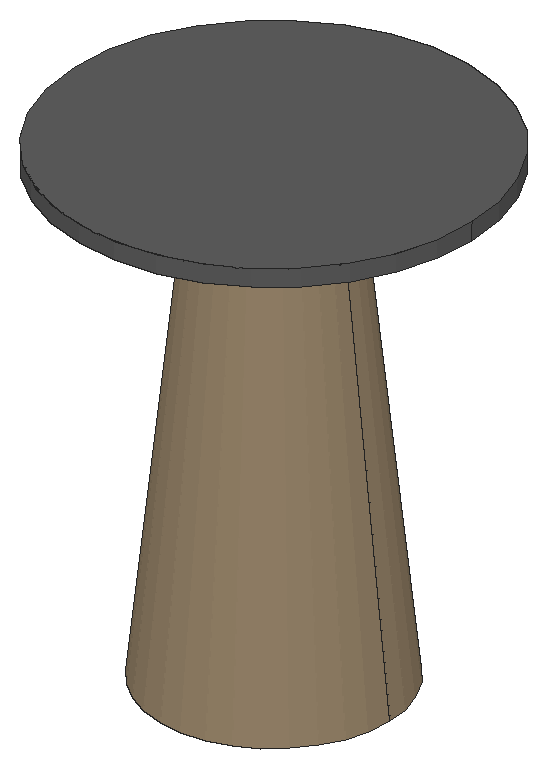
Revit family "Furniture_Table_CONO 4002", category Furniture, Revit 2019
Family settings
  OmniClass Number = 23.21.23.15.17
  Work Plane-Based = Yes
  Always vertical = No
  Cut with Voids When Loaded = No
  Shared = No
  Room Calculation Point = No
Parameters (values of type "CONO 4002")
  Youtube clip = ""
  Uniformat II Description = "Movable Furnishings"
  Uniformat II Code = ""
  Uniclass 2015 Name = ""
  Uniclass 2015 Code = ""
  Uniclass 2.0 Description = ""
  Uniclass 2.0 Code = ""
  Uniclass 1.4 Description = ""
  Uniclass 1.4 Code = ""
  UNSPSC Code = ""
  Technical description = ""
  Top Material = Plastic - X07 - Black
  Region South America = "All"
  Region Oceania = "All"
  Region North America = "All"
  Region Middle East = "All"
  Region Europe = "All"
  Region Asia = "All"
  Region Antarctica = "All"
  Region Africa = "All"
  QR code = "https://www.sandlerseating.com/product/cono-4002/"
  Product url = "https://www.sandlerseating.com/product/cono-4002/"
  Product name = "CONO 4002"
  Product group = "Table"
  Product family = "Furniture"
  Product data url = "https://www.sandlerseating.com/product/cono-4002/"
  Product certification = ""
  Product SKU = "??"
  Product Guid = "??"
  OmniClass Description = ""
  OmniClass Code = "23-21 23 15 17"
  NBS Reference Description = ""
  NBS Reference Code = ""
  Model = "CONO 4002"
  Masterformat 2014 Description = "Table Mats"
  Masterformat 2014 Code = "12 48 43.13"
  Manufacturer name = "Sandler"
  Manufacturer country = "USA"
  Manufacturer = "Sandler"
  Installation instructions = ""
  IFC Classification = "Furnishing Element"
  GTIN code = ""
  Edition number = 1
  Design country = "Brasil"
  Description = "Table"
  Default Elevation = 0.000 mm
  Date of publishing = ""
  COBIe Type Category = ""
  Brand url = "https://www.sandlerseating.com/"
  Base Material = Plastic - Perola Gold
  BIMobject main category code = "furniture"
  BIMobject main category = "Furniture"
  BIMobject category code = "furniture-table"
  BIMobject category = "Table"
Reference planes
  plane 1 "Center Front/Back": y = 0
  plane 2: z = 0
  plane 3 "Center Left/Right": x = 0
Forms (mm)
  Blend 1, solid, material "Plastic - Perola Gold" <- "Base Material"
    base sketch origin (0, 0, 840) x (-1, 0, 0) y (0, -1, 0)
      loop
        circle (0, 0) r 175
    top sketch origin (0, 0, 840) x (-1, 0, 0) y (0, -1, 0)
      loop
        circle (0, 0) r 99.976
    from -840 to -145.173
  Extrusion 2, solid, material "Plastic - X07 - Black" <- "Top Material"
    sketch origin (0, 0, 840) x (-1, 0, 0) y (0, -1, 0)
      loop
        circle (0, 0) r 300
    from -145.173 to -120.179
Dimensions and locks
  aligned and locked: level to plane 2
